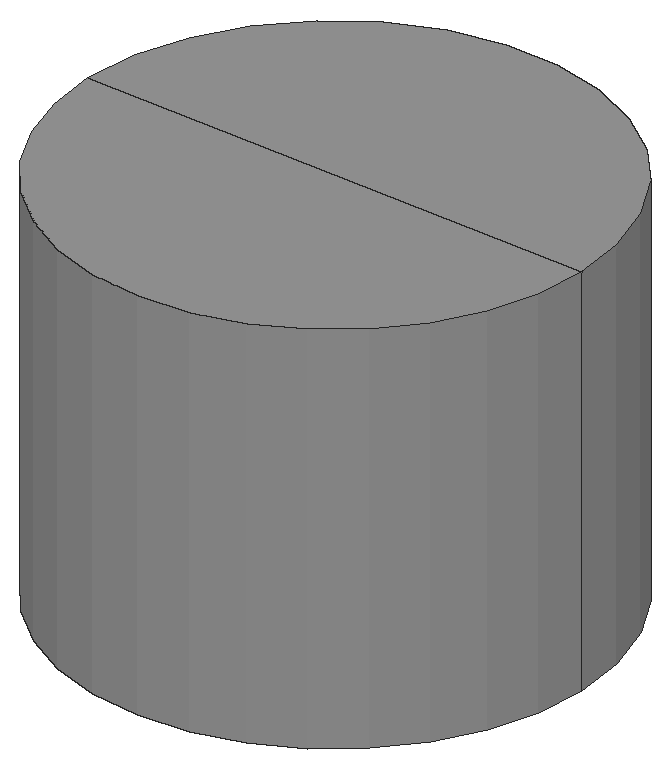
Revit family "DWO2_63_UN_Surface-mounted_ETK", category Lighting Fixtures, Revit 2019
Family settings
  Round Connector Dimension = Use Diameter
  Part Type = Normal
  OmniClass Number = 23.80.70.11.14.11
  OmniClass Title = Downlights
  Work Plane-Based = No
  Always vertical = Yes
  Cut with Voids When Loaded = No
  Light Source = No
  Shared = No
  Room Calculation Point = Yes
Parameters (values of type "DWO.2100.xx - 12W / 1250lm / 3000K")
  Wattage Comments = "12W"
  Voltage = 230 V
  URL = "https://www.etk.nl/producten/dwo-2/?___store=en&___from_store=nl"
  Symbol_Waterproof [instance] = no
  Symbol_Emergency Lighting [instance] = no
  Switch Code [instance] = ""
  Model = "DWO.2"
  Manufacturer = "ETK licht B.V."
  Luminaire Code [instance] = ""
  Light Source = DWO.2 - Lightsource : DWO.2100.xx - 12W / 1250lm / 3000K
  Lamp = "LED"
  IfcExportType = "USERDEFINED"
  IfcExportAs = "IfcLightFixtureType"
  Copyright © IVLighting = "www.IVLighting.nl"
  Bundle = "-"
  Assembly Code = "63.0"
  Apparent Load = 19 VA
Types (9, lengths in mm): name | Wattage Comments | Light Source
  (no name) | "12W" | DWO.2 - Lightsource : DWO.2100.xx - 12W / 1250lm / 3000K
  DWO.2100.xx - 12W / 1250lm / 3000K | "12W" | DWO.2 - Lightsource : DWO.2100.xx - 12W / 1250lm / 3000K
  DWO.2103.xx - 12W / 1250lm / 3000K | "12W" | DWO.2 - Lightsource : DWO.2103.xx - 12W / 1250lm / 3000K
  DWO.2200.xx - 12W / 1300lm / 4000K | "12W" | DWO.2 - Lightsource : DWO.2200.xx - 12W / 1300lm / 4000K
  DWO.2203.xx - 12W / 1300lm / 4000K | "12W" | DWO.2 - Lightsource : DWO.2203.xx - 12W / 1300lm / 4000K
  DWO.2300.xx - 19W / 2050lm / 3000K | "19W" | DWO.2 - Lightsource : DWO.2300.xx - 19W / 2050lm / 3000K
  DWO.2303.xx - 19W / 2050lm / 3000K | "19W" | DWO.2 - Lightsource : DWO.2303.xx - 19W / 2050lm / 3000K
  DWO.2400.xx - 19W / 2100lm / 4000K | "19W" | DWO.2 - Lightsource : DWO.2400.xx - 19W / 2100lm / 4000K
  DWO.2403.xx - 19W / 2100lm / 4000K | "19W" | DWO.2 - Lightsource : DWO.2403.xx - 19W / 2100lm / 4000K
Reference planes
  plane 1 "Center (Front/Back)": y = 0
  plane 2: z = 0
  plane 3 "Center (Left/Right)": x = 0
Forms (mm)
  Revolve 1, solid, material "UHMW, Black"
    sketch origin (0, 0, -105) x (1, 0, 0) y (0, 0, 1)
      loop
        line (0, 280) -> (0, 270) -> (105, 270) -> (105, 105) -> (115, 105) -> (115, 280) -> (0, 280)
      axis (0, 280) -> (0, 105)
    angle from 0 to 360
  Revolve 2, solid, material "UHMW, Black"
    sketch origin (0, 0, 0) x (1, 0, 0) y (0, 0, 1)
      loop
        line (0, 165) -> (0, 155) -> (95, 155) -> (95, 0) -> (105, 0) -> (105, 165) -> (0, 165)
      axis (0, 0) -> (0, 165)
    angle from 0 to 360
  Revolve 3, solid, material "Aluminum 7175 T73 0 Hot Formed"
    sketch origin (0, 0, 0) x (1, 0, 0) y (0, 0, 1)
      loop
        line (0, 85) -> (0, 55.755) -> (44.445, 55.755)
        spline (44.445, 55.755) -> (49.611, 53.123) -> (54.604, 50.124) -> (59.423, 46.759) -> (64.07, 43.028) -> (68.542, 38.931) -> (72.842, 34.468) -> (76.968, 29.639) -> (80.921, 24.443) -> (84.701, 18.882) -> (88.307, 12.954) -> (91.74, 6.66) -> (95, 0)
        line (95, 0) -> (95, 85) -> (0, 85)
      axis (0, 85) -> (0, 0)
    angle from 0 to 360
Dimensions and locks
  Revolve 1 to level = 175 mm
  Revolve 1 sketch curve to Revolve 1 sketch curve = 115 mm
  aligned and locked: level to plane 2
Nested families
  nested 1: "DWO.2 - Lightsource" at (0, 0, 0), type <- "Light Source", type "DWO.2100.xx - 12W / 1250lm / 3000K"
  nested 2: "DWO2.Light_Symbol_IVL" at (0, 0, 0), type "Lighting Fixture - Round"
Definition of nested family "DWO.2 - Lightsource"
  Parameters (values of type "@boaz DWO types toevoegen")
    Wattage Comments = "15W"
    Wattage = 10.0982 W
    built-in parameter 1150110 = 1 (stored number, unit not read)
    URL = "https://www.etk.nl/?___store=en&___from_store=nl"
    built-in parameter 1114217 = 1 (stored number, unit not read)
    Tilt Angle = 90.00°
    built-in parameter 1150109 = 1 (stored number, unit not read)
    built-in parameter 1150134 = (empty or 0)
    built-in parameter 1150113 = 1 (stored number, unit not read)
    Photometric Web File = "ALL.1100.15_LDT.ies"
    Model = "ALL.1"
    Manufacturer = "ETK B.V."
    built-in parameter 1150105 = 119.37 (stored number, unit not read)
    Lumens = 1500 lm
    built-in parameter 1150115 = 1 (stored number, unit not read)
    built-in parameter 1150137 = (empty or 0)
    built-in parameter 1150139 = (empty or 0)
    built-in parameter 1150112 = 1 (stored number, unit not read)
    built-in parameter 1150114 = 1 (stored number, unit not read)
    Lamp = "LED"
    built-in parameter 1150132 = 2
    built-in parameter 1150102 = (empty or 0)
    built-in parameter 1150107 = 3000 (stored number, unit not read)
    built-in parameter 1150138 = (empty or 0)
    built-in parameter 1150106 = 1.1937 (stored number, unit not read)
    built-in parameter 1150104 = 13.8 (stored number, unit not read)
    Dimming Lamp Color Temperature Shift = (empty or 0)
    Description = "Light sources"
    Copyright © IVLighting = "www.ivlighting.nl"
    Color Filter = 16777215
    Bundle = "65°"
    built-in parameter 1114218 = 1 (stored number, unit not read)
    built-in parameter 1150133 = 10 (stored number, unit not read)
    Apparent Load = 15 VA
  Reference planes
    plane 1 "Center (Front/Back)": y = 0
    plane 2: z = 0
    plane 3 "Center (Left/Right)": x = 0
  Dimensions and locks
    aligned and locked: level to plane 2
Definition of nested family "DWO2.Light_Symbol_IVL"
  Parameters (values of type "Lighting Fixture - Round")
    Waterproof = no
    Lighting Fixture = yes
    Emergency Lighting = no
  Reference planes
    plane 1: y = 0
    plane 2: x = 0
  Lines and regions (mm)
    Filled region 1, type "Emergency Lighting", visible <- "Waterproof"
      outline origin (5.15, 1.04, 0) x (1, 0, 0) y (0, 1, 0)
        loop
          arc (-6.26, -1.34) -> (-5.15, -2.19) -> (-4.04, -1.34) r 1.15
          line (-4.04, -1.34) -> (-6.26, -1.34)
    Filled region 2, type "Emergency Lighting", visible <- "Emergency Lighting"
      outline origin (-5.15, 1.04, 0) x (0, 1, 0) y (-1, 0, 0)
        loop
          line (-1.04, -5.15) -> (-1.854, -5.963)
          arc (-1.854, -5.963) -> (-1.04, -6.3) -> (-0.227, -5.963) r 1.15
          line (-0.227, -5.963) -> (-1.04, -5.15)
    Filled region 3, type "Emergency Lighting", visible <- "Emergency Lighting"
      outline origin (5.15, 1.04, 0) x (1, 0, 0) y (0, 1, 0)
        loop
          line (-5.15, -1.04) -> (-5.963, -0.227)
          arc (-5.963, -0.227) -> (-6.3, -1.04) -> (-5.963, -1.854) r 1.15
          line (-5.963, -1.854) -> (-5.15, -1.04)
    detail lines, visible <- "Lighting Fixture"
      curve 1: circle (0, 0, 0) r 1.15 normal (0, 0, 1)
    detail lines, not visible
      curve 2: line (1.11, -0.3, 0) -> (-1.11, -0.3, 0)
    detail lines, visible <- "Waterproof"
      curve 3: circle (0, 0, 0) r 1.15 normal (0, 0, 1)
    detail lines, visible <- "Emergency Lighting"
      curve 4: circle (0, 0, 0) r 1.15 normal (0, 0, 1)
